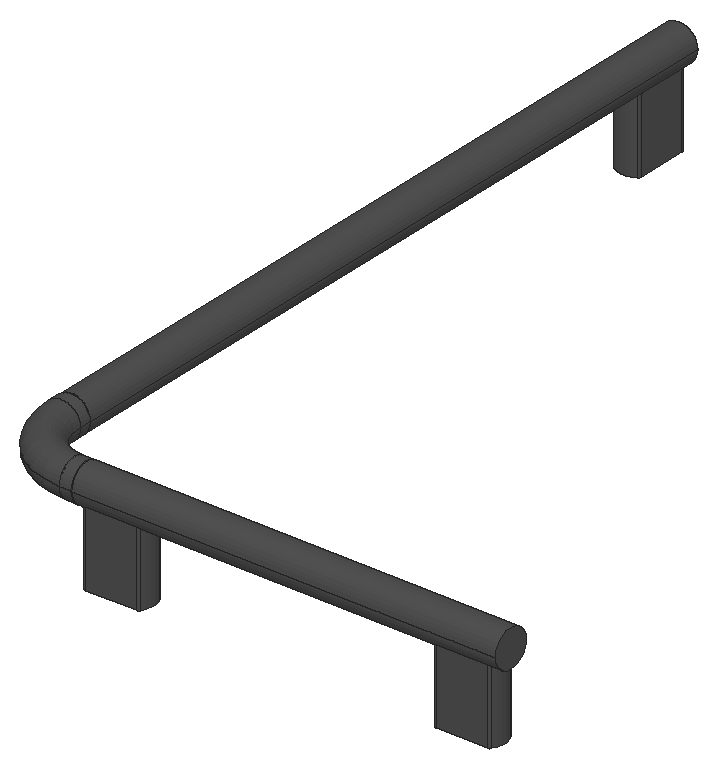
Revit family "687380B OPAL SUPPORT RAIL 90 DEGREE ANGLED BLACK", category Plumbing Fixtures, host Face, Revit 2019
Family settings
  Host = Face
  Round Connector Dimension = Use Radius
  Part Type = Normal
  OmniClass Number = 23.40.20.21.47
  OmniClass Title = Bath Grab Bars
  Cut with Voids When Loaded = No
  Shared = No
  Room Calculation Point = No
Parameters (values of type "OPAL SUPPORT RAIL 90 DEGREE ANGLED BLACK")
  Waste Connection = no
  Vent Connection = no
  URL = "https://www.caroma.com.au/"
  Rail_Height = 75 mm
  Model = "687380B"
  Material_Base = GWA-Metal-Black
  Manufacturer = "GWA Bathrooms & Kitchens"  # constant formula
  HW Connection = no
  Description = "OPAL SUPPORT RAIL 90 DEGREE ANGLED BLACK"
  Default Elevation = 0 mm
  CreatedBy_ANZRS = "GWA Bathrooms & Kitchens"  # constant formula
  CW Connection = no
  Assembly Code = "C1030200"
Reference planes
  plane 1 "Center (Front/Back)": y = 0
  plane 2: z = 0
  plane 3 "Center (Left/Right)": x = 0
  plane 4 "Rail_Centre": z = 75
Forms (mm)
  Extrusion 1, solid, material "GWA-Metal-Black" <- "Material_Base"
    sketch origin (225, 0, 0) x (-1, 0, 0) y (0, -1, 0)
      loop
        arc (246.722, -11.5) -> (248.222, -11.098) -> (249.321, -10) r 3
        arc (249.321, -10) -> (252, 0) -> (249.321, 10) r 20
        arc (249.321, 10) -> (248.222, 11.098) -> (246.722, 11.5) r 3
        line (246.722, 11.5) -> (203.278, 11.5)
        arc (203.278, 11.5) -> (201.778, 11.098) -> (200.679, 10) r 3
        arc (200.679, 10) -> (198, 0) -> (200.679, -10) r 20
        arc (200.679, -10) -> (201.778, -11.098) -> (203.278, -11.5) r 3
        line (203.278, -11.5) -> (246.722, -11.5)
    from 0 to 75
  Sweep 2, solid, material "GWA-Metal-Black" <- "Material_Base"
    path origin (0, 0, 75) x (1, 0, 0) y (0, 1, 0)
      loop
        line (32.5, 0) -> (-340.65, 0)
        arc (-340.65, 0) -> (-379.541, 16.109) -> (-395.65, 55) r 55
        line (-395.65, 55) -> (-395.65, 714.65)
    profile origin (-154.075, 0, 75) x (0, -1, 0) y (0, 0, 1)
      loop
        circle (0, 0) r 16
  Extrusion 3, solid, material "GWA-Metal-Black" <- "Material_Base"
    sketch origin (-75, 0, 0) x (-1, 0, 0) y (0, -1, 0)
      loop
        arc (246.722, -11.5) -> (248.222, -11.098) -> (249.321, -10) r 3
        arc (249.321, -10) -> (252, 0) -> (249.321, 10) r 20
        arc (249.321, 10) -> (248.222, 11.098) -> (246.722, 11.5) r 3
        line (246.722, 11.5) -> (203.278, 11.5)
        arc (203.278, 11.5) -> (201.778, 11.098) -> (200.679, 10) r 3
        arc (200.679, 10) -> (198, 0) -> (200.679, -10) r 20
        arc (200.679, -10) -> (201.778, -11.098) -> (203.278, -11.5) r 3
        line (203.278, -11.5) -> (246.722, -11.5)
    from 0 to 75
  Extrusion 4, solid, material "GWA-Metal-Black" <- "Material_Base"
    sketch origin (-395.65, 457.15, 0) x (0, 1, 0) y (-1, 0, 0)
      loop
        arc (246.722, -11.5) -> (248.222, -11.098) -> (249.321, -10) r 3
        arc (249.321, -10) -> (252, 0) -> (249.321, 10) r 20
        arc (249.321, 10) -> (248.222, 11.098) -> (246.722, 11.5) r 3
        line (246.722, 11.5) -> (203.278, 11.5)
        arc (203.278, 11.5) -> (201.778, 11.098) -> (200.679, 10) r 3
        arc (200.679, 10) -> (198, 0) -> (200.679, -10) r 20
        arc (200.679, -10) -> (201.778, -11.098) -> (203.278, -11.5) r 3
        line (203.278, -11.5) -> (246.722, -11.5)
    from 0 to 75
  Extrusion 5, void
    sketch origin (0, 0, 75) x (-1, 0, 0) y (0, -1, 0)
      loop
        line (420, -65) -> (370, -65) -> (370, -65.8) -> (420, -65.8) -> (420, -65)
    from -40 to 40
  Extrusion 6, void
    sketch origin (0, 0, 75) x (-1, 0, 0) y (0, -1, 0)
      loop
        line (330.65, -21) -> (330.65, 20.01) -> (329.85, 20.01) -> (329.85, -21) -> (330.65, -21)
    from -40 to 40
Cuts and joins
  Extrusion 5, Extrusion 6 cuts Sweep 2
  joined: Extrusion 1, Sweep 2, Extrusion 3, Extrusion 4
Lines and regions (mm)
  Masking region 1
    outline origin (0, 0, 75) x (-1, 0, 0) y (0, -1, 0)
      loop
        line (379.65, -714.65) -> (411.65, -714.65) -> (411.65, -65.8) -> (379.65, -65.8) -> (379.65, -714.65)
      loop
        line (-32.5, -16) -> (329.85, -16) -> (329.85, 16) -> (-32.5, 16) -> (-32.5, -16)
      loop
        arc (411.65, -55) -> (390.855, -4.795) -> (340.65, 16) r 71
        line (340.65, 16) -> (330.65, 16) -> (330.65, -16) -> (340.65, -16)
        arc (340.65, -16) -> (368.227, -27.423) -> (379.65, -55) r 39
        line (379.65, -55) -> (379.65, -65) -> (411.65, -65) -> (411.65, -55)
  Masking region 2
    outline origin (0, 0, 0) x (1, 0, 0) y (0, 0, 1)
      loop
        line (32.5, 91) -> (-395.65, 91)
        arc (-395.65, 91) -> (-410.381, 81.245) -> (-407.15, 63.876) r 16
        line (-407.15, 63.876) -> (-407.15, 0) -> (-384.15, 0) -> (-384.15, 59) -> (-327, 59) -> (-327, 0) -> (-273, 0) -> (-273, 59) -> (-27, 59) -> (-27, 0) -> (27, 0) -> (27, 59) -> (32.5, 59) -> (32.5, 91)
  Masking region 3
    outline origin (0, 0, 0) x (0, 1, 0) y (0, 0, 1)
      loop
        arc (0, 91) -> (-14.731, 81.245) -> (-11.5, 63.876) r 16
        line (-11.5, 63.876) -> (-11.5, 0) -> (11.5, 0) -> (11.5, 59) -> (655.15, 59) -> (655.15, 0) -> (709.15, 0) -> (709.15, 59) -> (714.65, 59) -> (714.65, 91) -> (0, 91)
  symbolic lines
    curve 1: line (27, 0, 0) -> (27, 0, 59)
    curve 2: line (27, 0, 0) -> (-27, 0, 0)
    curve 3: line (-27, 0, 0) -> (-27, 0, 59)
    curve 4: line (-21.774, 0, 63.876) -> (21.774, 0, 63.876)
    curve 5: line (27, 0, 59) -> (24.152, 0, 62.704)
    curve 6: arc (21.774, 0, 63.876) -> (23.099, 0, 63.567) -> (24.152, 0, 62.704) r 3
    curve 7: line (-27, 0, 59) -> (-24.152, 0, 62.704)
    curve 8: arc (-21.774, 0, 63.876) -> (-23.099, 0, 63.567) -> (-24.152, 0, 62.704) r 3
    curve 9: line (32.5, 0, 59) -> (32.5, 0, 91)
    curve 10: line (32.5, 0, 91) -> (-395.65, 0, 91)
    curve 11: line (32.5, 0, 59) -> (27, 0, 59)
    curve 12: line (-27, 0, 59) -> (-273, 0, 59)
    curve 13: line (-411.65, 714.65, 75) -> (-379.65, 714.65, 75)
    curve 14: line (-379.65, 714.65, 75) -> (-379.65, 65.8, 75)
    curve 15: line (-411.65, 714.65, 75) -> (-411.65, 65.8, 75)
    curve 16: line (32.5, -16, 75) -> (-329.85, -16, 75)
    curve 17: line (32.5, -16, 75) -> (32.5, 16, 75)
    curve 18: line (32.5, 16, 75) -> (-329.85, 16, 75)
    curve 19: line (-329.85, 16, 75) -> (-329.85, -16, 75)
    curve 20: line (-330.65, 16, 75) -> (-330.65, -16, 75)
    curve 21: line (-411.65, 65, 75) -> (-379.65, 65, 75)
    curve 22: line (-411.65, 65.8, 75) -> (-379.65, 65.8, 75)
    curve 23: line (-411.65, 65, 75) -> (-411.65, 55, 75)
    curve 24: line (-330.65, -16, 75) -> (-340.65, -16, 75)
    curve 25: line (-330.65, 16, 75) -> (-340.65, 16, 75)
    curve 26: line (-379.65, 65, 75) -> (-379.65, 55, 75)
    curve 27: arc (-379.65, 55, 75) -> (-368.227, 27.423, 75) -> (-340.65, 16, 75) r 39
    curve 28: arc (-411.65, 55, 75) -> (-390.855, 4.795, 75) -> (-340.65, -16, 75) r 71
    curve 29: line (-273, 0, 0) -> (-273, 0, 59)
    curve 30: line (-273, 0, 0) -> (-327, 0, 0)
    curve 31: line (-327, 0, 0) -> (-327, 0, 59)
    curve 32: line (-321.774, 0, 63.876) -> (-278.226, 0, 63.876)
    curve 33: line (-273, 0, 59) -> (-275.848, 0, 62.704)
    curve 34: arc (-278.226, 0, 63.876) -> (-276.901, 0, 63.567) -> (-275.848, 0, 62.704) r 3
    curve 35: line (-327, 0, 59) -> (-324.152, 0, 62.704)
    curve 36: arc (-321.774, 0, 63.876) -> (-323.099, 0, 63.567) -> (-324.152, 0, 62.704) r 3
    curve 37: circle (-395.65, 0, 75) r 16 normal (0, -1, 0)
    curve 38: line (-384.15, 0, 0) -> (-407.15, 0, 0)
    curve 39: line (-407.15, 0, 0) -> (-407.15, 0, 63.876)
    curve 40: line (-384.15, 0, 0) -> (-384.15, 0, 63.876)
    curve 41: line (-330.65, 0, 59) -> (-330.65, 0, 91)
    curve 42: line (-329.85, 0, 59) -> (-329.85, 0, 91)
    curve 43: line (-327, 0, 59) -> (-384.15, 0, 59)
    curve 44: circle (0, 0, 75) r 16 normal (1, 0, 0)
    curve 45: line (0, 11.5, 0) -> (0, -11.5, 0)
    curve 46: line (0, -11.5, 0) -> (0, -11.5, 63.876)
    curve 47: line (0, 0, 59) -> (0, 655.15, 59)
    curve 48: line (0, 0, 91) -> (0, 714.65, 91)
    curve 49: line (0, 11.5, 0) -> (0, 11.5, 59)
    curve 50: line (0, 714.65, 91) -> (0, 714.65, 59)
    curve 51: line (0, 655.15, 0) -> (0, 655.15, 59)
    curve 52: line (0, 714.65, 59) -> (0, 709.15, 59)
    curve 53: line (0, 709.15, 0) -> (0, 709.15, 59)
    curve 54: line (0, 65, 91) -> (0, 65, 59)
    curve 55: line (0, 65.8, 91) -> (0, 65.8, 59)
    curve 56: line (0, 703.938, 63.876) -> (0, 660.362, 63.876)
    curve 57: line (0, 655.15, 59) -> (0, 657.98, 62.699)
    curve 58: arc (0, 660.362, 63.876) -> (0, 659.034, 63.565) -> (0, 657.98, 62.699) r 3
    curve 59: line (0, 709.15, 59) -> (0, 706.32, 62.699)
    curve 60: arc (0, 703.938, 63.876) -> (0, 705.266, 63.565) -> (0, 706.32, 62.699) r 3
Dimensions and locks
  aligned and locked: plane 2 to host face
  aligned and locked: level to host face
